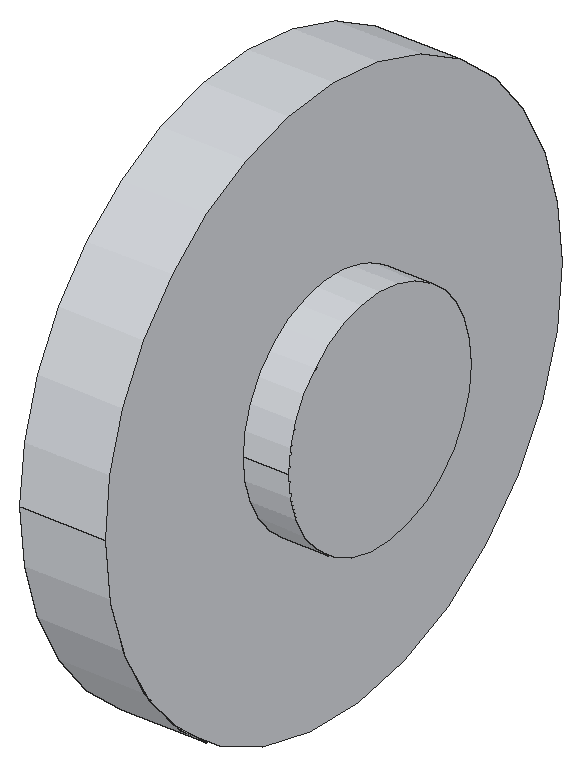
Revit family "56a29cdf4ac9423684b0cd8f5935bec2", category Pipe Fittings, Revit 2021
Family settings
  Round Connector Dimension = Use Radius
  Part Type = Flange
  OmniClass Number = 23.60.30.11.14
  OmniClass Title = Pipework Fittings
  Seek Item ID = Flange - Slip-on - Steel - Class 400-0000-USA-ENU
  Work Plane-Based = No
  Always vertical = Yes
  Cut with Voids When Loaded = No
  Shared = No
Parameters (values of type "Standard")
  Tick Size [instance] = Flange Outside Diameter * 0.4  # 1.49606"
  Raised Face Thickness [instance] = 1/4"  # constant formula
  Raised Face Radius [instance] = Raised Face Diameter / 2  # 0.68701"
  Raised Face Diameter [instance] = size_lookup(Lookup Table Name, "RFD", 1.11 * Nominal Diameter + 1 47/128", Nominal Diameter)  # 1.37402"
  Nominal Radius [instance] = 1/4"
  Nominal Diameter [instance] = Nominal Radius * 2  # 1/2"
  Loss Method = Not Defined
  Lookup Table Name = "Flange - Slip-on - Steel - Class 400"
  Length Through Hub [instance] = size_lookup(Lookup Table Name, "LTH", 0.15 * Nominal Diameter + 1 21/128", Nominal Diameter)  # 0.86614"
  Hub Radius [instance] = Hub Diameter / 2  # 0.74803"
  Hub Diameter [instance] = size_lookup(Lookup Table Name, "HDia", 1.13 * Nominal Diameter + 1 5/32", Nominal Diameter)  # 1.49606"
  Flange Thickness [instance] = size_lookup(Lookup Table Name, "FThk", 0.11 * Nominal Diameter + 211/256", Nominal Diameter)  # 0.56299"
  Flange Outside Radius [instance] = Flange Outside Diameter / 2  # 1.87008"
  Flange Outside Diameter [instance] = size_lookup(Lookup Table Name, "FOD", 1.37 * Nominal Diameter + 3 29/32", Nominal Diameter)  # 3.74016"
  Default Elevation = 0' - 0"
Reference planes (in)
  plane 1 "Center (Front/Back)": y = 0
  plane 2: z = 0
  plane 3 "Center (Left/Right)": x = 0
  plane 4: x = 0.25
  plane 5: x = 0.81299
  plane 6: x = 1.11614
  plane 7: y = 1.49606
  plane 8: y = -1.49606
Forms (in)
  Sweep 1, solid, detail levels fine
    path in 3D
      loop
        line (0, 0, 0) -> (0.25, 0, 0)
    profile origin (0.125, 0, 0) x (0, 1, 0) y (0, 0, 1)
      loop
        circle (0, 0) r 0.68701
  Sweep 2, solid, detail levels fine
    path in 3D
      loop
        line (0.25, 0, 0) -> (0.81299, 0, 0)
    profile origin (0.5315, 0, 0) x (0, 1, 0) y (0, 0, 1)
      loop
        circle (0, 0) r 1.87008
  Sweep 3, solid, detail levels fine
    path in 3D
      loop
        line (0.81299, 0, 0) -> (1.11614, 0, 0)
    profile origin (0.96457, 0, 0) x (0, 1, 0) y (0, 0, 1)
      loop
        circle (0, 0) r 0.74803
Cuts and joins
  joined: Sweep 1, Sweep 2, Sweep 3
Lines and regions (in)
  model lines, detail levels coarse+medium
    curve 1: line (0, 0, 0) -> (0.25, 0, 0)
    curve 2: line (0.25, 0, 0) -> (0.81299, 0, 0)
    curve 3: line (0.81299, 0, 0) -> (1.11614, 0, 0)
    curve 7: line (0.81299, 1.49606, 0) -> (0.81299, -1.49606, 0)
  sketch lines
    curve 4: line (0, 0, 0) -> (0.25, 0, 0)
    curve 5: line (0.25, 0, 0) -> (0.81299, 0, 0)
    curve 6: line (0.81299, 0, 0) -> (1.11614, 0, 0)
Dimensions and locks (in)
  "Raised Face Thickness": plane 3 "Center (Left/Right)" to plane 4
  "Flange Thickness": plane 4 to plane 5
  "Length Through Hub": plane 4 to plane 6
  equal spacing: plane 7, plane 1 "Center (Front/Back)", plane 8
  "Tick Size": plane 7 to plane 1 "Center (Front/Back)"
  "Raised Face Radius": radius of Sweep 1 sketch curve
  "Flange Outside Radius": radius of Sweep 2 sketch curve
  "Hub Radius": radius of Sweep 3 sketch curve
  aligned and locked: plane 3 "Center (Left/Right)" to curve 1
  aligned and locked: plane 4 to curve 1
  aligned and locked: plane 1 "Center (Front/Back)" to curve 1
  aligned and locked: plane 1 "Center (Front/Back)" to curve 2
  aligned and locked: plane 5 to curve 3
  aligned and locked: plane 6 to curve 3
  aligned and locked: plane 1 "Center (Front/Back)" to curve 3
  aligned and locked: plane 7 to curve 7
  aligned and locked: plane 8 to curve 7
  aligned and locked: curve 7 to plane 5
Automatic sketch dimensions
  Sweep 1 sketch curve to profile plane = 0' - 0"  (x2)
  Sweep 2 sketch curve to profile plane = 0' - 0"  (x2)
  Sweep 3 sketch curve to profile plane = 0' - 0"  (x2)
Connectors (in)
  piping at (0, 0, 0), diameter 0.5, driven by "Nominal Radius"
    settings: on cut or joined group of Sweep 1, Sweep 2, Sweep 3, index 1, connector inside diameter 1/2", connector length 0' - 0", flow factor 0, pipe flow 0 GPM, pressure drop 0.00 psi, fitting loss kfactor 0, connector angle 0.00°, fixture units 0, engagement length 0' - 0", angle of deflection 0.00°, flow configuration 0, flow direction 0, fitting loss method 0, system type 28, joint type 0, gender type 0, connector reference index 2, connector utility 0, adjustable connector no, is connector primary yes, connector description ""
  piping at (1.11614, 0, 0), diameter 0.5, driven by "Nominal Radius"
    settings: on cut or joined group of Sweep 1, Sweep 2, Sweep 3, index 2, connector inside diameter 1/2", connector length 0' - 0", flow factor 0, pipe flow 0 GPM, pressure drop 0.00 psi, fitting loss kfactor 0, connector angle 0.00°, fixture units 0, engagement length 0' - 0", angle of deflection 0.00°, flow configuration 0, flow direction 0, fitting loss method 0, system type 28, joint type 0, gender type 0, connector reference index 1, connector utility 0, adjustable connector no, is connector primary no, connector description ""
